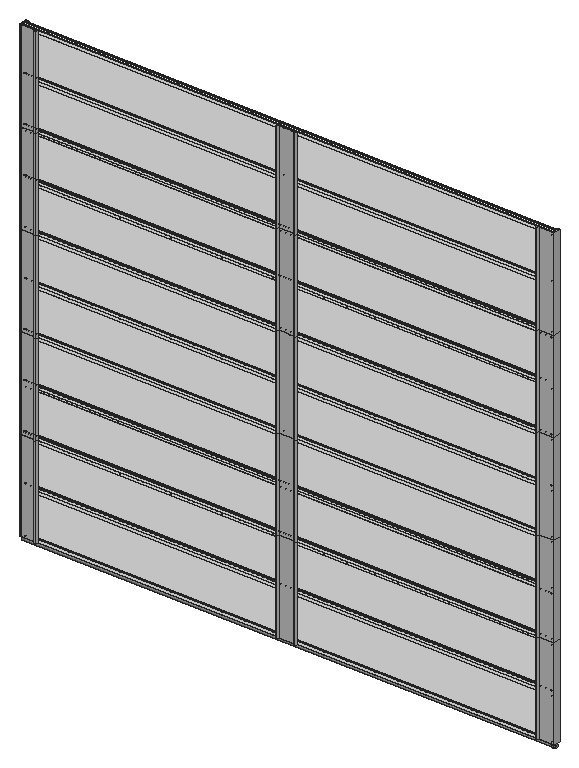
Revit family "GAFS 10H WH", category Doors, host Wall, Revit 2024
Family settings
  Host = Wall
  OmniClass Number = 23.30.10.00
  OmniClass Title = Doors
  Always vertical = Yes
  Cut with Voids When Loaded = No
  Shared = No
  Room Calculation Point = No
Parameters
  Wall Opening [instance] = 4880 mm
  Function = Interior
  Frame Projection Ext. = 25 mm
  Frame Projection Int. = 25 mm
  Frame Width = 75 mm
  Height = 2135 mm
  Wall Closure = By host
  Width = 2440 mm
Reference planes
  plane 1: y = 0
  plane 2 "Center (Left/Right)": x = 0
  plane 3: z = 2135
  plane 4 "Exterior": y = 75
  plane 5 "Interior": y = -75
  plane 6 "Garage Bottom": y = 75
  plane 7 "Garage Top": z = 2170
  plane 8: z = 19.954
  plane 9 "Garage Left": x = 1250
  plane 10 "Garage Right": x = -1250
Forms (mm)
  Extrusion 1, solid, material "STEEL BACK & SIDE PLATES"
    sketch origin (2744.172, 256, 612.954) x (1, 0, 0) y (0, 1, 0)
      loop
        line (-2791.977, -404.804) -> (-2789.506, -414.002) -> (-2782.523, -414.002) -> (-2780.383, -405.996) -> (-2707.961, -405.996) -> (-2705.821, -414.002) -> (-2698.839, -414.002) -> (-2696.367, -404.804) -> (-2697.626, -404.804) -> (-2699.758, -412.802) -> (-2704.9, -412.802) -> (-2707.039, -404.797) -> (-2781.305, -404.797) -> (-2783.444, -412.802) -> (-2788.586, -412.802) -> (-2790.718, -404.804) -> (-2791.977, -404.804)
      loop
        line (-3985.472, -373.2) -> (-3992.972, -373.2) -> (-3992.972, -372) -> (-3991.972, -372)
        arc (-3991.972, -372) -> (-3991.472, -371.5) -> (-3991.972, -371) r 0.5
        line (-3991.972, -371) -> (-3994.172, -371) -> (-3994.172, -406) -> (-3924.955, -406) -> (-3922.812, -414) -> (-3915.811, -414) -> (-3913.363, -404.8) -> (-3914.589, -404.8) -> (-3916.732, -412.8) -> (-3921.891, -412.8) -> (-3924.034, -404.8) -> (-3992.972, -404.8) -> (-3992.972, -374.4) -> (-3980.945, -374.4)
        arc (-3980.945, -374.4) -> (-3980.21, -374.891) -> (-3979.372, -374.607) r 1
        line (-3979.372, -374.607) -> (-3978.819, -374.054)
        arc (-3978.819, -374.054) -> (-3978.71, -373.509) -> (-3979.172, -373.2) r 0.5
        line (-3979.172, -373.2) -> (-3984.272, -373.2) -> (-3984.272, -371) -> (-3986.472, -371)
        arc (-3986.472, -371) -> (-3986.972, -371.5) -> (-3986.472, -372) r 0.5
        line (-3986.472, -372) -> (-3985.472, -372) -> (-3985.472, -373.2)
      loop
        line (-1502.872, -373.2) -> (-1502.872, -372) -> (-1501.872, -372)
        arc (-1501.872, -372) -> (-1501.372, -371.5) -> (-1501.872, -371) r 0.5
        line (-1501.872, -371) -> (-1504.072, -371) -> (-1504.072, -373.2) -> (-1509.172, -373.2)
        arc (-1509.172, -373.2) -> (-1509.634, -373.509) -> (-1509.526, -374.054) r 0.5
        line (-1509.526, -374.054) -> (-1508.972, -374.607)
        arc (-1508.972, -374.607) -> (-1508.135, -374.891) -> (-1507.399, -374.4) r 1
        line (-1507.399, -374.4) -> (-1495.372, -374.4) -> (-1495.372, -404.8) -> (-1564.31, -404.8) -> (-1566.454, -412.8) -> (-1571.612, -412.8) -> (-1573.756, -404.8) -> (-1574.982, -404.8) -> (-1572.533, -414) -> (-1565.533, -414) -> (-1563.389, -406) -> (-1494.172, -406) -> (-1494.172, -371) -> (-1496.372, -371)
        arc (-1496.372, -371) -> (-1496.872, -371.5) -> (-1496.372, -372) r 0.5
        line (-1496.372, -372) -> (-1495.372, -372) -> (-1495.372, -373.2) -> (-1502.872, -373.2)
    from 267.046 to 697.046
  Extrusion 2, solid, material "STEEL BACK & SIDE PLATES"
    sketch origin (2744.172, 256, 182.954) x (1, 0, 0) y (0, 1, 0)
      loop
        line (-2791.977, -404.804) -> (-2789.506, -414.002) -> (-2782.523, -414.002) -> (-2780.383, -405.996) -> (-2707.961, -405.996) -> (-2705.821, -414.002) -> (-2698.839, -414.002) -> (-2696.367, -404.804) -> (-2697.626, -404.804) -> (-2699.758, -412.802) -> (-2704.9, -412.802) -> (-2707.039, -404.797) -> (-2781.305, -404.797) -> (-2783.444, -412.802) -> (-2788.586, -412.802) -> (-2790.718, -404.804) -> (-2791.977, -404.804)
      loop
        line (-3985.472, -373.2) -> (-3992.972, -373.2) -> (-3992.972, -372) -> (-3991.972, -372)
        arc (-3991.972, -372) -> (-3991.472, -371.5) -> (-3991.972, -371) r 0.5
        line (-3991.972, -371) -> (-3994.172, -371) -> (-3994.172, -406) -> (-3924.955, -406) -> (-3922.812, -414) -> (-3915.811, -414) -> (-3913.363, -404.8) -> (-3914.589, -404.8) -> (-3916.732, -412.8) -> (-3921.891, -412.8) -> (-3924.034, -404.8) -> (-3992.972, -404.8) -> (-3992.972, -374.4) -> (-3980.945, -374.4)
        arc (-3980.945, -374.4) -> (-3980.21, -374.891) -> (-3979.372, -374.607) r 1
        line (-3979.372, -374.607) -> (-3978.819, -374.054)
        arc (-3978.819, -374.054) -> (-3978.71, -373.509) -> (-3979.172, -373.2) r 0.5
        line (-3979.172, -373.2) -> (-3984.272, -373.2) -> (-3984.272, -371) -> (-3986.472, -371)
        arc (-3986.472, -371) -> (-3986.972, -371.5) -> (-3986.472, -372) r 0.5
        line (-3986.472, -372) -> (-3985.472, -372) -> (-3985.472, -373.2)
      loop
        line (-1502.872, -373.2) -> (-1502.872, -372) -> (-1501.872, -372)
        arc (-1501.872, -372) -> (-1501.372, -371.5) -> (-1501.872, -371) r 0.5
        line (-1501.872, -371) -> (-1504.072, -371) -> (-1504.072, -373.2) -> (-1509.172, -373.2)
        arc (-1509.172, -373.2) -> (-1509.634, -373.509) -> (-1509.526, -374.054) r 0.5
        line (-1509.526, -374.054) -> (-1508.972, -374.607)
        arc (-1508.972, -374.607) -> (-1508.135, -374.891) -> (-1507.399, -374.4) r 1
        line (-1507.399, -374.4) -> (-1495.372, -374.4) -> (-1495.372, -404.8) -> (-1564.31, -404.8) -> (-1566.454, -412.8) -> (-1571.612, -412.8) -> (-1573.756, -404.8) -> (-1574.982, -404.8) -> (-1572.533, -414) -> (-1565.533, -414) -> (-1563.389, -406) -> (-1494.172, -406) -> (-1494.172, -371) -> (-1496.372, -371)
        arc (-1496.372, -371) -> (-1496.872, -371.5) -> (-1496.372, -372) r 0.5
        line (-1496.372, -372) -> (-1495.372, -372) -> (-1495.372, -373.2) -> (-1502.872, -373.2)
    from 267.046 to 697.046
  Extrusion 3, solid, material "STEEL BACK & SIDE PLATES"
    sketch origin (2744.172, 256, -247.046) x (1, 0, 0) y (0, 1, 0)
      loop
        line (-2791.977, -404.804) -> (-2789.506, -414.002) -> (-2782.523, -414.002) -> (-2780.383, -405.996) -> (-2707.961, -405.996) -> (-2705.821, -414.002) -> (-2698.839, -414.002) -> (-2696.367, -404.804) -> (-2697.626, -404.804) -> (-2699.758, -412.802) -> (-2704.9, -412.802) -> (-2707.039, -404.797) -> (-2781.305, -404.797) -> (-2783.444, -412.802) -> (-2788.586, -412.802) -> (-2790.718, -404.804) -> (-2791.977, -404.804)
      loop
        line (-3985.472, -373.2) -> (-3992.972, -373.2) -> (-3992.972, -372) -> (-3991.972, -372)
        arc (-3991.972, -372) -> (-3991.472, -371.5) -> (-3991.972, -371) r 0.5
        line (-3991.972, -371) -> (-3994.172, -371) -> (-3994.172, -406) -> (-3924.955, -406) -> (-3922.812, -414) -> (-3915.811, -414) -> (-3913.363, -404.8) -> (-3914.589, -404.8) -> (-3916.732, -412.8) -> (-3921.891, -412.8) -> (-3924.034, -404.8) -> (-3992.972, -404.8) -> (-3992.972, -374.4) -> (-3980.945, -374.4)
        arc (-3980.945, -374.4) -> (-3980.21, -374.891) -> (-3979.372, -374.607) r 1
        line (-3979.372, -374.607) -> (-3978.819, -374.054)
        arc (-3978.819, -374.054) -> (-3978.71, -373.509) -> (-3979.172, -373.2) r 0.5
        line (-3979.172, -373.2) -> (-3984.272, -373.2) -> (-3984.272, -371) -> (-3986.472, -371)
        arc (-3986.472, -371) -> (-3986.972, -371.5) -> (-3986.472, -372) r 0.5
        line (-3986.472, -372) -> (-3985.472, -372) -> (-3985.472, -373.2)
      loop
        line (-1502.872, -373.2) -> (-1502.872, -372) -> (-1501.872, -372)
        arc (-1501.872, -372) -> (-1501.372, -371.5) -> (-1501.872, -371) r 0.5
        line (-1501.872, -371) -> (-1504.072, -371) -> (-1504.072, -373.2) -> (-1509.172, -373.2)
        arc (-1509.172, -373.2) -> (-1509.634, -373.509) -> (-1509.526, -374.054) r 0.5
        line (-1509.526, -374.054) -> (-1508.972, -374.607)
        arc (-1508.972, -374.607) -> (-1508.135, -374.891) -> (-1507.399, -374.4) r 1
        line (-1507.399, -374.4) -> (-1495.372, -374.4) -> (-1495.372, -404.8) -> (-1564.31, -404.8) -> (-1566.454, -412.8) -> (-1571.612, -412.8) -> (-1573.756, -404.8) -> (-1574.982, -404.8) -> (-1572.533, -414) -> (-1565.533, -414) -> (-1563.389, -406) -> (-1494.172, -406) -> (-1494.172, -371) -> (-1496.372, -371)
        arc (-1496.372, -371) -> (-1496.872, -371.5) -> (-1496.372, -372) r 0.5
        line (-1496.372, -372) -> (-1495.372, -372) -> (-1495.372, -373.2) -> (-1502.872, -373.2)
    from 267 to 697.046
  Extrusion 4, solid, material "STEEL BACK & SIDE PLATES"
    sketch origin (2744.172, 256, 1042.954) x (1, 0, 0) y (0, 1, 0)
      loop
        line (-2791.977, -404.804) -> (-2789.506, -414.002) -> (-2782.523, -414.002) -> (-2780.383, -405.996) -> (-2707.961, -405.996) -> (-2705.821, -414.002) -> (-2698.839, -414.002) -> (-2696.367, -404.804) -> (-2697.626, -404.804) -> (-2699.758, -412.802) -> (-2704.9, -412.802) -> (-2707.039, -404.797) -> (-2781.305, -404.797) -> (-2783.444, -412.802) -> (-2788.586, -412.802) -> (-2790.718, -404.804) -> (-2791.977, -404.804)
      loop
        line (-3985.472, -373.2) -> (-3992.972, -373.2) -> (-3992.972, -372) -> (-3991.972, -372)
        arc (-3991.972, -372) -> (-3991.472, -371.5) -> (-3991.972, -371) r 0.5
        line (-3991.972, -371) -> (-3994.172, -371) -> (-3994.172, -406) -> (-3924.955, -406) -> (-3922.812, -414) -> (-3915.811, -414) -> (-3913.363, -404.8) -> (-3914.589, -404.8) -> (-3916.732, -412.8) -> (-3921.891, -412.8) -> (-3924.034, -404.8) -> (-3992.972, -404.8) -> (-3992.972, -374.4) -> (-3980.945, -374.4)
        arc (-3980.945, -374.4) -> (-3980.21, -374.891) -> (-3979.372, -374.607) r 1
        line (-3979.372, -374.607) -> (-3978.819, -374.054)
        arc (-3978.819, -374.054) -> (-3978.71, -373.509) -> (-3979.172, -373.2) r 0.5
        line (-3979.172, -373.2) -> (-3984.272, -373.2) -> (-3984.272, -371) -> (-3986.472, -371)
        arc (-3986.472, -371) -> (-3986.972, -371.5) -> (-3986.472, -372) r 0.5
        line (-3986.472, -372) -> (-3985.472, -372) -> (-3985.472, -373.2)
      loop
        line (-1502.872, -373.2) -> (-1502.872, -372) -> (-1501.872, -372)
        arc (-1501.872, -372) -> (-1501.372, -371.5) -> (-1501.872, -371) r 0.5
        line (-1501.872, -371) -> (-1504.072, -371) -> (-1504.072, -373.2) -> (-1509.172, -373.2)
        arc (-1509.172, -373.2) -> (-1509.634, -373.509) -> (-1509.526, -374.054) r 0.5
        line (-1509.526, -374.054) -> (-1508.972, -374.607)
        arc (-1508.972, -374.607) -> (-1508.135, -374.891) -> (-1507.399, -374.4) r 1
        line (-1507.399, -374.4) -> (-1495.372, -374.4) -> (-1495.372, -404.8) -> (-1564.31, -404.8) -> (-1566.454, -412.8) -> (-1571.612, -412.8) -> (-1573.756, -404.8) -> (-1574.982, -404.8) -> (-1572.533, -414) -> (-1565.533, -414) -> (-1563.389, -406) -> (-1494.172, -406) -> (-1494.172, -371) -> (-1496.372, -371)
        arc (-1496.372, -371) -> (-1496.872, -371.5) -> (-1496.372, -372) r 0.5
        line (-1496.372, -372) -> (-1495.372, -372) -> (-1495.372, -373.2) -> (-1502.872, -373.2)
    from 267.046 to 697.046
  Extrusion 5, solid, material "STEEL BACK & SIDE PLATES"
    sketch origin (2744.172, 256, 1472.954) x (1, 0, 0) y (0, 1, 0)
      loop
        line (-2791.977, -404.804) -> (-2789.506, -414.002) -> (-2782.523, -414.002) -> (-2780.383, -405.996) -> (-2707.961, -405.996) -> (-2705.821, -414.002) -> (-2698.839, -414.002) -> (-2696.367, -404.804) -> (-2697.626, -404.804) -> (-2699.758, -412.802) -> (-2704.9, -412.802) -> (-2707.039, -404.797) -> (-2781.305, -404.797) -> (-2783.444, -412.802) -> (-2788.586, -412.802) -> (-2790.718, -404.804) -> (-2791.977, -404.804)
      loop
        line (-3985.472, -373.2) -> (-3992.972, -373.2) -> (-3992.972, -372) -> (-3991.972, -372)
        arc (-3991.972, -372) -> (-3991.472, -371.5) -> (-3991.972, -371) r 0.5
        line (-3991.972, -371) -> (-3994.172, -371) -> (-3994.172, -406) -> (-3924.955, -406) -> (-3922.812, -414) -> (-3915.811, -414) -> (-3913.363, -404.8) -> (-3914.589, -404.8) -> (-3916.732, -412.8) -> (-3921.891, -412.8) -> (-3924.034, -404.8) -> (-3992.972, -404.8) -> (-3992.972, -374.4) -> (-3980.945, -374.4)
        arc (-3980.945, -374.4) -> (-3980.21, -374.891) -> (-3979.372, -374.607) r 1
        line (-3979.372, -374.607) -> (-3978.819, -374.054)
        arc (-3978.819, -374.054) -> (-3978.71, -373.509) -> (-3979.172, -373.2) r 0.5
        line (-3979.172, -373.2) -> (-3984.272, -373.2) -> (-3984.272, -371) -> (-3986.472, -371)
        arc (-3986.472, -371) -> (-3986.972, -371.5) -> (-3986.472, -372) r 0.5
        line (-3986.472, -372) -> (-3985.472, -372) -> (-3985.472, -373.2)
      loop
        line (-1502.872, -373.2) -> (-1502.872, -372) -> (-1501.872, -372)
        arc (-1501.872, -372) -> (-1501.372, -371.5) -> (-1501.872, -371) r 0.5
        line (-1501.872, -371) -> (-1504.072, -371) -> (-1504.072, -373.2) -> (-1509.172, -373.2)
        arc (-1509.172, -373.2) -> (-1509.634, -373.509) -> (-1509.526, -374.054) r 0.5
        line (-1509.526, -374.054) -> (-1508.972, -374.607)
        arc (-1508.972, -374.607) -> (-1508.135, -374.891) -> (-1507.399, -374.4) r 1
        line (-1507.399, -374.4) -> (-1495.372, -374.4) -> (-1495.372, -404.8) -> (-1564.31, -404.8) -> (-1566.454, -412.8) -> (-1571.612, -412.8) -> (-1573.756, -404.8) -> (-1574.982, -404.8) -> (-1572.533, -414) -> (-1565.533, -414) -> (-1563.389, -406) -> (-1494.172, -406) -> (-1494.172, -371) -> (-1496.372, -371)
        arc (-1496.372, -371) -> (-1496.872, -371.5) -> (-1496.372, -372) r 0.5
        line (-1496.372, -372) -> (-1495.372, -372) -> (-1495.372, -373.2) -> (-1502.872, -373.2)
    from 267.046 to 697.046
  Extrusion 6, solid, material "WHITE ALUMINIUM"
    sketch origin (0, -44, 2189.863) x (0, -1, 0) y (0, 0, -1)
      loop
        line (82.14, 2169.909) -> (74.797, 2169.909) -> (74.797, 1963.364) -> (78.797, 1961.909) -> (78.797, 1954.909) -> (83.136, 1954.909)
        arc (83.136, 1954.909) -> (83.518, 1954.832) -> (83.843, 1954.616) r 1
        line (83.843, 1954.616) -> (86.55, 1951.909) -> (88.077, 1951.909)
        arc (88.077, 1951.909) -> (88.477, 1952.309) -> (88.077, 1952.709) r 0.4
        line (88.077, 1952.709) -> (87.047, 1952.709) -> (87.047, 1953.909) -> (92.547, 1953.909) -> (92.547, 1952.709) -> (91.517, 1952.709)
        arc (91.517, 1952.709) -> (91.117, 1952.309) -> (91.517, 1951.909) r 0.4
        line (91.517, 1951.909) -> (93.044, 1951.909) -> (95.751, 1954.616)
        arc (95.751, 1954.616) -> (96.077, 1954.833) -> (96.461, 1954.909) r 1
        line (96.461, 1954.909) -> (104.797, 1954.909) -> (104.797, 1966.909) -> (101.397, 1966.909)
        arc (101.397, 1966.909) -> (100.697, 1966.209) -> (101.397, 1965.509) r 0.7
        line (101.397, 1965.509) -> (103.397, 1965.509) -> (103.397, 1956.309) -> (95.464, 1956.309) -> (94.464, 1955.309) -> (85.13, 1955.309) -> (84.13, 1956.309) -> (80.197, 1956.309) -> (80.197, 1962.889) -> (76.197, 1964.345) -> (76.197, 2168.509) -> (81.56, 2168.509) -> (87.06, 2163.009) -> (92.534, 2163.009) -> (98.034, 2168.509) -> (103.397, 2168.509) -> (103.397, 2159.309) -> (101.397, 2159.309)
        arc (101.397, 2159.309) -> (100.697, 2158.609) -> (101.397, 2157.909) r 0.7
        line (101.397, 2157.909) -> (104.797, 2157.909) -> (104.797, 2169.909) -> (97.454, 2169.909) -> (91.954, 2164.409) -> (87.64, 2164.409) -> (82.14, 2169.909)
    from -1248.8 to 1248.8
  Extrusion 7, solid, material "Rubber, Natural"
    sketch origin (0, -32.797, 0.046) x (0, 1, 0) y (0, 0, 1)
      loop
        line (-111, 19.909) -> (-111, 16.909) -> (-106, 16.909) -> (-106, 14.004)
        spline (-106, 14.004) -> (-109.192, 11.809) -> (-110.848, 8.808) -> (-110.659, 5.562) -> (-108.66, 2.681) -> (-105.226, 0.703) -> (-101, 0) -> (-96.774, 0.703) -> (-93.34, 2.681) -> (-91.341, 5.562) -> (-91.152, 8.808) -> (-92.808, 11.809) -> (-96, 14.004)
        line (-96, 14.004) -> (-96, 16.909) -> (-91, 16.909) -> (-91, 19.909) -> (-111, 19.909)
      loop
        line (-98, 16.909) -> (-104, 16.909) -> (-104, 14.633)
        arc (-104, 14.633) -> (-101, 15.009) -> (-98, 14.633) r 12.129
        line (-98, 14.633) -> (-98, 16.909)
      loop
        spline (-101, 1.513) -> (-98.929, 1.717) -> (-97, 2.316) -> (-95.343, 3.268) -> (-94.072, 4.509) -> (-93.273, 5.954) -> (-93, 7.505) -> (-93.273, 9.055) -> (-94.072, 10.501) -> (-95.343, 11.742) -> (-97, 12.694) -> (-98.929, 13.292) -> (-101, 13.496)
        spline (-101, 13.496) -> (-103.071, 13.292) -> (-105, 12.694) -> (-106.657, 11.742) -> (-107.928, 10.501) -> (-108.727, 9.055) -> (-109, 7.505) -> (-108.727, 5.954) -> (-107.928, 4.509) -> (-106.657, 3.268) -> (-105, 2.316) -> (-103.071, 1.717) -> (-101, 1.513)
    from -1248.8 to 1248.8
  Extrusion 8, solid, material "WHITE ALUMINIUM"
    sketch origin (0, -44, 2404.863) x (0, -1, 0) y (0, 0, -1)
      loop
        line (82.14, 2169.909) -> (74.797, 2169.909) -> (74.797, 1963.319) -> (78.797, 1961.863) -> (78.797, 1954.863) -> (83.136, 1954.863)
        arc (83.136, 1954.863) -> (83.518, 1954.787) -> (83.843, 1954.57) r 1
        line (83.843, 1954.57) -> (86.55, 1951.863) -> (88.077, 1951.863)
        arc (88.077, 1951.863) -> (88.477, 1952.263) -> (88.077, 1952.663) r 0.4
        line (88.077, 1952.663) -> (87.047, 1952.663) -> (87.047, 1953.863) -> (92.547, 1953.863) -> (92.547, 1952.663) -> (91.517, 1952.663)
        arc (91.517, 1952.663) -> (91.117, 1952.263) -> (91.517, 1951.863) r 0.4
        line (91.517, 1951.863) -> (93.044, 1951.863) -> (95.751, 1954.57)
        arc (95.751, 1954.57) -> (96.077, 1954.787) -> (96.461, 1954.863) r 1
        line (96.461, 1954.863) -> (104.797, 1954.863) -> (104.797, 1966.863) -> (101.397, 1966.863)
        arc (101.397, 1966.863) -> (100.697, 1966.163) -> (101.397, 1965.463) r 0.7
        line (101.397, 1965.463) -> (103.397, 1965.463) -> (103.397, 1956.263) -> (95.464, 1956.263) -> (94.464, 1955.263) -> (85.13, 1955.263) -> (84.13, 1956.263) -> (80.197, 1956.263) -> (80.197, 1962.843) -> (76.197, 1964.299) -> (76.197, 2168.509) -> (81.56, 2168.509) -> (87.06, 2163.009) -> (92.534, 2163.009) -> (98.034, 2168.509) -> (103.397, 2168.509) -> (103.397, 2159.309) -> (101.397, 2159.309)
        arc (101.397, 2159.309) -> (100.697, 2158.609) -> (101.397, 2157.909) r 0.7
        line (101.397, 2157.909) -> (104.797, 2157.909) -> (104.797, 2169.909) -> (97.454, 2169.909) -> (91.954, 2164.409) -> (87.64, 2164.409) -> (82.14, 2169.909)
    from -1248.8 to 1248.8
  Extrusion 9, solid, material "WHITE ALUMINIUM"
    sketch origin (0, -44, 2619.909) x (0, -1, 0) y (0, 0, -1)
      loop
        line (82.14, 2169.909) -> (74.797, 2169.909) -> (74.797, 1963.364) -> (78.797, 1961.909) -> (78.797, 1954.909) -> (83.136, 1954.909)
        arc (83.136, 1954.909) -> (83.518, 1954.832) -> (83.843, 1954.616) r 1
        line (83.843, 1954.616) -> (86.55, 1951.909) -> (88.077, 1951.909)
        arc (88.077, 1951.909) -> (88.477, 1952.309) -> (88.077, 1952.709) r 0.4
        line (88.077, 1952.709) -> (87.047, 1952.709) -> (87.047, 1953.909) -> (92.547, 1953.909) -> (92.547, 1952.709) -> (91.517, 1952.709)
        arc (91.517, 1952.709) -> (91.117, 1952.309) -> (91.517, 1951.909) r 0.4
        line (91.517, 1951.909) -> (93.044, 1951.909) -> (95.751, 1954.616)
        arc (95.751, 1954.616) -> (96.077, 1954.833) -> (96.461, 1954.909) r 1
        line (96.461, 1954.909) -> (104.797, 1954.909) -> (104.797, 1966.909) -> (101.397, 1966.909)
        arc (101.397, 1966.909) -> (100.697, 1966.209) -> (101.397, 1965.509) r 0.7
        line (101.397, 1965.509) -> (103.397, 1965.509) -> (103.397, 1956.309) -> (95.464, 1956.309) -> (94.464, 1955.309) -> (85.13, 1955.309) -> (84.13, 1956.309) -> (80.197, 1956.309) -> (80.197, 1962.889) -> (76.197, 1964.345) -> (76.197, 2168.509) -> (81.56, 2168.509) -> (87.06, 2163.009) -> (92.534, 2163.009) -> (98.034, 2168.509) -> (103.397, 2168.509) -> (103.397, 2159.309) -> (101.397, 2159.309)
        arc (101.397, 2159.309) -> (100.697, 2158.609) -> (101.397, 2157.909) r 0.7
        line (101.397, 2157.909) -> (104.797, 2157.909) -> (104.797, 2169.909) -> (97.454, 2169.909) -> (91.954, 2164.409) -> (87.64, 2164.409) -> (82.14, 2169.909)
    from -1248.8 to 1248.8
  Extrusion 10, solid, material "WHITE ALUMINIUM"
    sketch origin (0, -44, 2834.909) x (0, -1, 0) y (0, 0, -1)
      loop
        line (82.14, 2169.909) -> (74.797, 2169.909) -> (74.797, 1963.364) -> (78.797, 1961.909) -> (78.797, 1954.909) -> (83.136, 1954.909)
        arc (83.136, 1954.909) -> (83.518, 1954.832) -> (83.843, 1954.616) r 1
        line (83.843, 1954.616) -> (86.55, 1951.909) -> (88.077, 1951.909)
        arc (88.077, 1951.909) -> (88.477, 1952.309) -> (88.077, 1952.709) r 0.4
        line (88.077, 1952.709) -> (87.047, 1952.709) -> (87.047, 1953.909) -> (92.547, 1953.909) -> (92.547, 1952.709) -> (91.517, 1952.709)
        arc (91.517, 1952.709) -> (91.117, 1952.309) -> (91.517, 1951.909) r 0.4
        line (91.517, 1951.909) -> (93.044, 1951.909) -> (95.751, 1954.616)
        arc (95.751, 1954.616) -> (96.077, 1954.833) -> (96.461, 1954.909) r 1
        line (96.461, 1954.909) -> (104.797, 1954.909) -> (104.797, 1966.909) -> (101.397, 1966.909)
        arc (101.397, 1966.909) -> (100.697, 1966.209) -> (101.397, 1965.509) r 0.7
        line (101.397, 1965.509) -> (103.397, 1965.509) -> (103.397, 1956.309) -> (95.464, 1956.309) -> (94.464, 1955.309) -> (85.13, 1955.309) -> (84.13, 1956.309) -> (80.197, 1956.309) -> (80.197, 1962.889) -> (76.197, 1964.345) -> (76.197, 2168.509) -> (81.56, 2168.509) -> (87.06, 2163.009) -> (92.534, 2163.009) -> (98.034, 2168.509) -> (103.397, 2168.509) -> (103.397, 2159.309) -> (101.397, 2159.309)
        arc (101.397, 2159.309) -> (100.697, 2158.609) -> (101.397, 2157.909) r 0.7
        line (101.397, 2157.909) -> (104.797, 2157.909) -> (104.797, 2169.909) -> (97.454, 2169.909) -> (91.954, 2164.409) -> (87.64, 2164.409) -> (82.14, 2169.909)
    from -1248.8 to 1248.8
  Extrusion 11, solid, material "WHITE ALUMINIUM"
    sketch origin (0, -44, 3049.909) x (0, -1, 0) y (0, 0, -1)
      loop
        line (82.14, 2169.909) -> (74.797, 2169.909) -> (74.797, 1963.364) -> (78.797, 1961.909) -> (78.797, 1954.909) -> (83.136, 1954.909)
        arc (83.136, 1954.909) -> (83.518, 1954.832) -> (83.843, 1954.616) r 1
        line (83.843, 1954.616) -> (86.55, 1951.909) -> (88.077, 1951.909)
        arc (88.077, 1951.909) -> (88.477, 1952.309) -> (88.077, 1952.709) r 0.4
        line (88.077, 1952.709) -> (87.047, 1952.709) -> (87.047, 1953.909) -> (92.547, 1953.909) -> (92.547, 1952.709) -> (91.517, 1952.709)
        arc (91.517, 1952.709) -> (91.117, 1952.309) -> (91.517, 1951.909) r 0.4
        line (91.517, 1951.909) -> (93.044, 1951.909) -> (95.751, 1954.616)
        arc (95.751, 1954.616) -> (96.077, 1954.833) -> (96.461, 1954.909) r 1
        line (96.461, 1954.909) -> (104.797, 1954.909) -> (104.797, 1966.909) -> (101.397, 1966.909)
        arc (101.397, 1966.909) -> (100.697, 1966.209) -> (101.397, 1965.509) r 0.7
        line (101.397, 1965.509) -> (103.397, 1965.509) -> (103.397, 1956.309) -> (95.464, 1956.309) -> (94.464, 1955.309) -> (85.13, 1955.309) -> (84.13, 1956.309) -> (80.197, 1956.309) -> (80.197, 1962.889) -> (76.197, 1964.345) -> (76.197, 2168.509) -> (81.56, 2168.509) -> (87.06, 2163.009) -> (92.534, 2163.009) -> (98.034, 2168.509) -> (103.397, 2168.509) -> (103.397, 2159.309) -> (101.397, 2159.309)
        arc (101.397, 2159.309) -> (100.697, 2158.609) -> (101.397, 2157.909) r 0.7
        line (101.397, 2157.909) -> (104.797, 2157.909) -> (104.797, 2169.909) -> (97.454, 2169.909) -> (91.954, 2164.409) -> (87.64, 2164.409) -> (82.14, 2169.909)
    from -1248.8 to 1248.8
  Extrusion 12, solid, material "WHITE ALUMINIUM"
    sketch origin (0, -44, 3264.909) x (0, -1, 0) y (0, 0, -1)
      loop
        line (82.14, 2169.909) -> (74.797, 2169.909) -> (74.797, 1963.364) -> (78.797, 1961.909) -> (78.797, 1954.909) -> (83.136, 1954.909)
        arc (83.136, 1954.909) -> (83.518, 1954.832) -> (83.843, 1954.616) r 1
        line (83.843, 1954.616) -> (86.55, 1951.909) -> (88.077, 1951.909)
        arc (88.077, 1951.909) -> (88.477, 1952.309) -> (88.077, 1952.709) r 0.4
        line (88.077, 1952.709) -> (87.047, 1952.709) -> (87.047, 1953.909) -> (92.547, 1953.909) -> (92.547, 1952.709) -> (91.517, 1952.709)
        arc (91.517, 1952.709) -> (91.117, 1952.309) -> (91.517, 1951.909) r 0.4
        line (91.517, 1951.909) -> (93.044, 1951.909) -> (95.751, 1954.616)
        arc (95.751, 1954.616) -> (96.077, 1954.833) -> (96.461, 1954.909) r 1
        line (96.461, 1954.909) -> (104.797, 1954.909) -> (104.797, 1966.909) -> (101.397, 1966.909)
        arc (101.397, 1966.909) -> (100.697, 1966.209) -> (101.397, 1965.509) r 0.7
        line (101.397, 1965.509) -> (103.397, 1965.509) -> (103.397, 1956.309) -> (95.464, 1956.309) -> (94.464, 1955.309) -> (85.13, 1955.309) -> (84.13, 1956.309) -> (80.197, 1956.309) -> (80.197, 1962.889) -> (76.197, 1964.345) -> (76.197, 2168.509) -> (81.56, 2168.509) -> (87.06, 2163.009) -> (92.534, 2163.009) -> (98.034, 2168.509) -> (103.397, 2168.509) -> (103.397, 2159.309) -> (101.397, 2159.309)
        arc (101.397, 2159.309) -> (100.697, 2158.609) -> (101.397, 2157.909) r 0.7
        line (101.397, 2157.909) -> (104.797, 2157.909) -> (104.797, 2169.909) -> (97.454, 2169.909) -> (91.954, 2164.409) -> (87.64, 2164.409) -> (82.14, 2169.909)
    from -1248.8 to 1248.8
  Extrusion 13, solid, material "WHITE ALUMINIUM"
    sketch origin (0, -44, 3587.409) x (0, -1, 0) y (0, 0, -1)
      loop
        line (82.14, 2277.409) -> (74.797, 2277.409) -> (74.797, 2070.864) -> (78.797, 2069.409) -> (78.797, 2062.409) -> (83.136, 2062.409)
        arc (83.136, 2062.409) -> (83.518, 2062.332) -> (83.843, 2062.116) r 1
        line (83.843, 2062.116) -> (86.55, 2059.409) -> (88.077, 2059.409)
        arc (88.077, 2059.409) -> (88.477, 2059.809) -> (88.077, 2060.209) r 0.4
        line (88.077, 2060.209) -> (87.047, 2060.209) -> (87.047, 2061.409) -> (92.547, 2061.409) -> (92.547, 2060.209) -> (91.517, 2060.209)
        arc (91.517, 2060.209) -> (91.117, 2059.809) -> (91.517, 2059.409) r 0.4
        line (91.517, 2059.409) -> (93.044, 2059.409) -> (95.751, 2062.116)
        arc (95.751, 2062.116) -> (96.077, 2062.333) -> (96.461, 2062.409) r 1
        line (96.461, 2062.409) -> (104.797, 2062.409) -> (104.797, 2074.409) -> (101.397, 2074.409)
        arc (101.397, 2074.409) -> (100.697, 2073.709) -> (101.397, 2073.009) r 0.7
        line (101.397, 2073.009) -> (103.397, 2073.009) -> (103.397, 2063.809) -> (95.464, 2063.809) -> (94.464, 2062.809) -> (85.13, 2062.809) -> (84.13, 2063.809) -> (80.197, 2063.809) -> (80.197, 2070.389) -> (76.197, 2071.845) -> (76.197, 2276.009) -> (81.56, 2276.009) -> (87.06, 2270.509) -> (92.534, 2270.509) -> (98.034, 2276.009) -> (103.397, 2276.009) -> (103.397, 2266.809) -> (101.397, 2266.809)
        arc (101.397, 2266.809) -> (100.697, 2266.109) -> (101.397, 2265.409) r 0.7
        line (101.397, 2265.409) -> (104.797, 2265.409) -> (104.797, 2277.409) -> (97.454, 2277.409) -> (91.954, 2271.909) -> (87.64, 2271.909) -> (82.14, 2277.409)
    from -1248.8 to 1248.8
  Extrusion 14, solid, material "WHITE ALUMINIUM"
    sketch origin (0, -44, 3694.909) x (0, -1, 0) y (0, 0, -1)
      loop
        line (82.14, 2169.909) -> (74.797, 2169.909) -> (74.797, 1963.364) -> (78.797, 1961.909) -> (78.797, 1954.909) -> (83.136, 1954.909)
        arc (83.136, 1954.909) -> (83.518, 1954.832) -> (83.843, 1954.616) r 1
        line (83.843, 1954.616) -> (86.55, 1951.909) -> (88.077, 1951.909)
        arc (88.077, 1951.909) -> (88.477, 1952.309) -> (88.077, 1952.709) r 0.4
        line (88.077, 1952.709) -> (87.047, 1952.709) -> (87.047, 1953.909) -> (92.547, 1953.909) -> (92.547, 1952.709) -> (91.517, 1952.709)
        arc (91.517, 1952.709) -> (91.117, 1952.309) -> (91.517, 1951.909) r 0.4
        line (91.517, 1951.909) -> (93.044, 1951.909) -> (95.751, 1954.616)
        arc (95.751, 1954.616) -> (96.077, 1954.833) -> (96.461, 1954.909) r 1
        line (96.461, 1954.909) -> (104.797, 1954.909) -> (104.797, 1966.909) -> (101.397, 1966.909)
        arc (101.397, 1966.909) -> (100.697, 1966.209) -> (101.397, 1965.509) r 0.7
        line (101.397, 1965.509) -> (103.397, 1965.509) -> (103.397, 1956.309) -> (95.464, 1956.309) -> (94.464, 1955.309) -> (85.13, 1955.309) -> (84.13, 1956.309) -> (80.197, 1956.309) -> (80.197, 1962.889) -> (76.197, 1964.345) -> (76.197, 2168.509) -> (81.56, 2168.509) -> (87.06, 2163.009) -> (92.534, 2163.009) -> (98.034, 2168.509) -> (103.397, 2168.509) -> (103.397, 2159.309) -> (101.397, 2159.309)
        arc (101.397, 2159.309) -> (100.697, 2158.609) -> (101.397, 2157.909) r 0.7
        line (101.397, 2157.909) -> (104.797, 2157.909) -> (104.797, 2169.909) -> (97.454, 2169.909) -> (91.954, 2164.409) -> (87.64, 2164.409) -> (82.14, 2169.909)
    from -1248.8 to 1248.8
  Extrusion 15, solid, material "WHITE ALUMINIUM"
    sketch origin (0, -44, 3909.909) x (0, -1, 0) y (0, 0, -1)
      loop
        line (82.14, 2169.909) -> (74.797, 2169.909) -> (74.797, 1963.364) -> (78.797, 1961.909) -> (78.797, 1954.909) -> (83.136, 1954.909)
        arc (83.136, 1954.909) -> (83.518, 1954.832) -> (83.843, 1954.616) r 1
        line (83.843, 1954.616) -> (86.55, 1951.909) -> (88.077, 1951.909)
        arc (88.077, 1951.909) -> (88.477, 1952.309) -> (88.077, 1952.709) r 0.4
        line (88.077, 1952.709) -> (87.047, 1952.709) -> (87.047, 1953.909) -> (92.547, 1953.909) -> (92.547, 1952.709) -> (91.517, 1952.709)
        arc (91.517, 1952.709) -> (91.117, 1952.309) -> (91.517, 1951.909) r 0.4
        line (91.517, 1951.909) -> (93.044, 1951.909) -> (95.751, 1954.616)
        arc (95.751, 1954.616) -> (96.077, 1954.833) -> (96.461, 1954.909) r 1
        line (96.461, 1954.909) -> (104.797, 1954.909) -> (104.797, 1966.909) -> (101.397, 1966.909)
        arc (101.397, 1966.909) -> (100.697, 1966.209) -> (101.397, 1965.509) r 0.7
        line (101.397, 1965.509) -> (103.397, 1965.509) -> (103.397, 1956.309) -> (95.464, 1956.309) -> (94.464, 1955.309) -> (85.13, 1955.309) -> (84.13, 1956.309) -> (80.197, 1956.309) -> (80.197, 1962.889) -> (76.197, 1964.345) -> (76.197, 2168.509) -> (81.56, 2168.509) -> (87.06, 2163.009) -> (92.534, 2163.009) -> (98.034, 2168.509) -> (103.397, 2168.509) -> (103.397, 2159.309) -> (101.397, 2159.309)
        arc (101.397, 2159.309) -> (100.697, 2158.609) -> (101.397, 2157.909) r 0.7
        line (101.397, 2157.909) -> (104.797, 2157.909) -> (104.797, 2169.909) -> (97.454, 2169.909) -> (91.954, 2164.409) -> (87.64, 2164.409) -> (82.14, 2169.909)
    from -1248.8 to 1248.8
  Extrusion 16, solid, material "WHITE ALUMINIUM"
    sketch origin (0, -44, 4124.909) x (0, -1, 0) y (0, 0, -1)
      loop
        line (82.14, 2169.909) -> (74.797, 2169.909) -> (74.797, 1963.364) -> (78.797, 1961.909) -> (78.797, 1954.909) -> (83.136, 1954.909)
        arc (83.136, 1954.909) -> (83.518, 1954.832) -> (83.843, 1954.616) r 1
        line (83.843, 1954.616) -> (86.55, 1951.909) -> (88.077, 1951.909)
        arc (88.077, 1951.909) -> (88.477, 1952.309) -> (88.077, 1952.709) r 0.4
        line (88.077, 1952.709) -> (87.047, 1952.709) -> (87.047, 1953.909) -> (92.547, 1953.909) -> (92.547, 1952.709) -> (91.517, 1952.709)
        arc (91.517, 1952.709) -> (91.117, 1952.309) -> (91.517, 1951.909) r 0.4
        line (91.517, 1951.909) -> (93.044, 1951.909) -> (95.751, 1954.616)
        arc (95.751, 1954.616) -> (96.077, 1954.833) -> (96.461, 1954.909) r 1
        line (96.461, 1954.909) -> (104.797, 1954.909) -> (104.797, 1966.909) -> (101.397, 1966.909)
        arc (101.397, 1966.909) -> (100.697, 1966.209) -> (101.397, 1965.509) r 0.7
        line (101.397, 1965.509) -> (103.397, 1965.509) -> (103.397, 1956.309) -> (95.464, 1956.309) -> (94.464, 1955.309) -> (85.13, 1955.309) -> (84.13, 1956.309) -> (80.197, 1956.309) -> (80.197, 1962.889) -> (76.197, 1964.345) -> (76.197, 2168.509) -> (81.56, 2168.509) -> (87.06, 2163.009) -> (92.534, 2163.009) -> (98.034, 2168.509) -> (103.397, 2168.509) -> (103.397, 2159.309) -> (101.397, 2159.309)
        arc (101.397, 2159.309) -> (100.697, 2158.609) -> (101.397, 2157.909) r 0.7
        line (101.397, 2157.909) -> (104.797, 2157.909) -> (104.797, 2169.909) -> (97.454, 2169.909) -> (91.954, 2164.409) -> (87.64, 2164.409) -> (82.14, 2169.909)
    from -1248.8 to 1248.8
Lines and regions (mm)
  Opening 1
    outline origin (-5000, 75, 0) x (-1, 0, 0) y (0, 0, 1)
      loop
        line (-3780, 0) -> (-3780, 2135) -> (-6220, 2135) -> (-6220, 0) -> (-3780, 0)
  symbolic lines, style "Elevation Swing"
    curve 1: line (-1250, -105, 1694) -> (-1250, -2275, 1694)
    curve 2: line (-1250, -2275, 1694) -> (1250, -2275, 1694)
    curve 3: line (1250, -2275, 1694) -> (1250, -105, 1694)
Text (mm)
  text "Exterior" at (-2295.016, 1099.543, 0), in view "Ref. Level"
  text "Exterior" at (0, 1615.38, 3698.081), in view "Left"
  text "Exterior" at (0, 1036.032, 3874.932), in view "Right"
Dimensions and locks
  host wall to plane 3 = 2135 mm
  host wall to plane 7 "Garage Top" = 2170 mm
  locked: plane 4 "Exterior" to host wall
  locked: plane 5 "Interior" to host wall
  level to plane 7 "Garage Top" = 2170 mm
  plane 3 to level = 2135 mm
  plane 10 "Garage Right" to plane 9 "Garage Left" = 2500 mm
  host wall to host wall = 2440 mm
  aligned and locked: host wall to plane 1
